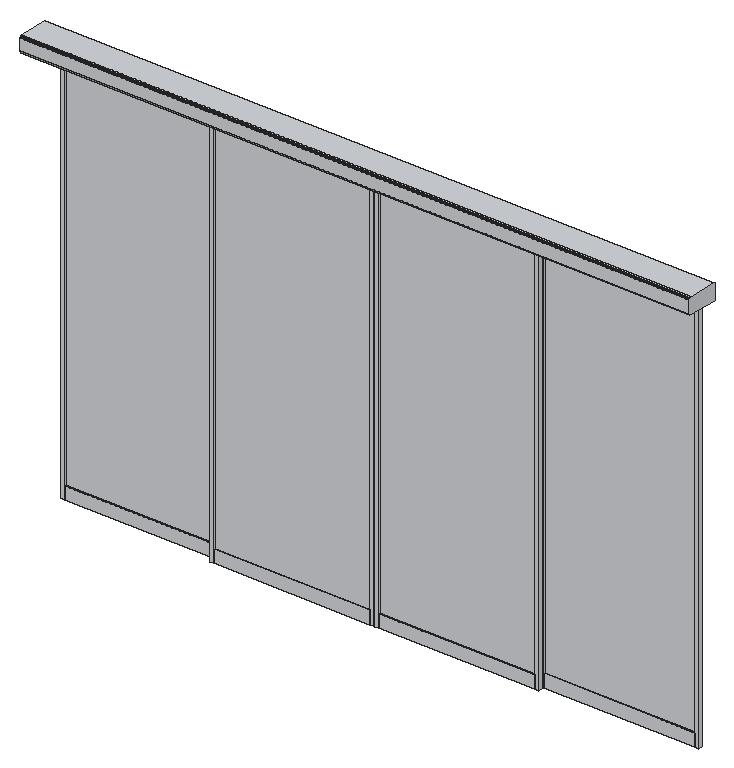
Revit family "SL510 Slim_SlimECO 2-Flg. m.Seitenteile - Sturtzmontage_!!", category Türen, Revit 2018
Family settings
  Basisbauteil = Wand
  OmniClass-Nummer = 23.30.10.00
  OmniClass-Titel = Doors
  Immer vertikal = Ja
  Beim Laden mit Abzugskörper schneiden = Nein
  Gemeinsam genutzt = Nein
  Raumberechnungspunkt = Nein
Parameters
  ohne Schutzflügel [instance] = if(or([Schutzflügel - drehbar], [Schutzflügel - drehbar + Bodenschloß], [Schutzflügel - schiebbar]), 1 = 0, 1 = 1)  # yes
  X [instance] = if(or([Schutzflügel - drehbar], [Schutzflügel - drehbar + Bodenschloß], [Schutzflügel - schiebbar]), 25 mm, 200 mm)  # 200 mm
  Warnung Abmessungen 3 [instance] = if(Seitenteil Breite < 300 mm, 1 = 1, if(Seitenteil Breite > 1500 mm, 1 = 1, 1 = 0))  # no
  Warnung Abmessungen 2 [instance] = if(Durchgangslichte Höhe < 1900 mm, 1 = 1, if(Durchgangslichte Höhe > 3000 mm, 1 = 1, 1 = 0))  # no
  Warnung Abmessungen 1 [instance] = if(Durchgangslichte Breite < 975 mm, 1 = 1, if(Durchgangslichte Breite > 3000 mm, 1 = 1, 1 = 0))  # no
  Wandaufbau Pfeilseite [instance] = 0 mm
  Wandaufbau Gegenseite [instance] = 0 mm
  Seitenteil Breite [instance] = 1000 mm
  Schutzflügel - schiebbar [instance] = no
  Schutzflügel - drehbar + Bodenschloß [instance] = no
  Schutzflügel - drehbar [instance] = no
  SW [instance] = if(Seitenteil Breite < 300 mm, 300 mm, if(Seitenteil Breite > 1500 mm, 1500 mm, Seitenteil Breite))  # 1000 mm
  SH [instance] = COH + 42 mm  # 2542 mm
  Rough Height [instance] = Höhe ab FBOK + Fußbodenaufbau  # 2755 mm
  Rough Width [instance] = Width  # 4010 mm
  Rahmen [instance] = none
  PSFW [instance] = COW / 2 + 95 mm  # 1095 mm
  PSFH [instance] = COH + 50 mm  # 2550 mm
  Montagefuge Breite = 5 mm
  Kollisionskörper = no
  IFC_Widerstandsklasse = " "  # constant formula
  IFC_Selbstschliessend [instance] = 1 = 0  # no
  IFC_Schallschutzklasse = 0  # constant formula
  IFC_Rauchschutz [instance] = 1 = 0  # no
  IFC_Notausgang [instance] = no
  IFC_Luftdurchlässigkeit = 0  # constant formula
  IFC_Glasflächenanteil = 0  # constant formula
  IFC_Behindertengerecht [instance] = no
  IFC_Beanspruchungsklasse = " "  # constant formula
  IFC_Antrieb [instance] = 1 = 1  # yes
  Höhe ab FBOK berechnen = yes
  Höhe ab FBOK [instance] = COH + 50 mm + Montagefuge Breite  # 2555 mm
  Height [instance] = if(Höhe ab FBOK berechnen, Höhe ab FBOK, Rough Height)  # 2555 mm
  Glasstärke = 8 mm
  Glas [instance] = none
  Fußbodenaufbau [instance] = 200 mm
  Freiraum [instance] = if((COW * 2 + 195 mm) > Width, COW + ((DW + X) * 2), Width)  # 4453 mm
  Familienversion = "1.0"  # constant formula
  Durchgangslichte Höhe [instance] = 2500 mm
  Durchgangslichte Breite [instance] = 2000 mm
  Dicke = 20 mm
  DW [instance] = COW / 2 + 26.5 mm  # 1026.5 mm
  DH [instance] = COH + 60 mm  # 2560 mm
  Wandabschluss = Nach Basisbauteil
  COW [instance] = if(Durchgangslichte Breite < 975 mm, 975 mm, if(Durchgangslichte Breite > 3000 mm, 3000 mm, Durchgangslichte Breite))  # 2000 mm
  COH [instance] = if(Durchgangslichte Höhe < 1900 mm, 1900 mm, if(Durchgangslichte Höhe > 3000 mm, 3000 mm, Durchgangslichte Höhe))  # 2500 mm
  CL [instance] = if((COW * 2 + 195 mm) > Width, COW * 2 + 195 mm, Width)  # 4195 mm
  CH [instance] = DH + 8 mm  # 2568 mm
  Width [instance] = COW + (SW * 2) + (Montagefuge Breite * 2)  # 4010 mm
  Antrieb [instance] = none
Reference planes
  plane 1: y = 0
  plane 2 "Mitte (Links/rechts)": x = 1200
  plane 3 "Links": x = -805
  plane 4 "Rechts": x = 3205
  plane 5: z = 2555
  plane 6 "außen": y = 75
  plane 7 "Innen": y = -75
  plane 8 "CL L": x = -897.5
  plane 9 "CL R": x = 3297.5
  plane 10 "D CL": y = -107.5
  plane 11: z = 8
  plane 12 "COW L": x = 200
  plane 13 "COW R": x = 2200
  plane 14: x = 1196.5
  plane 15: x = 1203.5
  plane 16 "Wandaufbau Innen": y = -75
  plane 17 "Wandaufbau Außen": y = 75
  plane 18: x = 3200
  plane 19: x = -800
  plane 20: x = 3226.5
  plane 21: x = -826.5
  plane 22: x = -1026.5
  plane 23: x = 3426.5
  plane 24 "Basis": z = 0
  plane 25 "RD OK": z = -200
Lines and regions (mm)
  Opening 1
    outline origin (-1759, -75, 0) x (1, 0, 0) y (0, 0, 1)
      loop
        line (954, 2555) -> (954, -200) -> (4964, -200) -> (4964, 2555) -> (954, 2555)
  symbolic lines, style "DoorsHiddenLines"
    curve 1: line (2230, -97.5, 0) -> (3226.5, -97.5, 0)
    curve 2: line (3226.5, -97.5, 0) -> (3226.5, -117.5, 0)
    curve 3: line (3226.5, -117.5, 0) -> (2230, -117.5, 0)
    curve 4: line (170, -97.5, 0) -> (-826.5, -97.5, 0)
    curve 5: line (-826.5, -97.5, 0) -> (-826.5, -117.5, 0)
    curve 6: line (-826.5, -117.5, 0) -> (170, -117.5, 0)
    curve 8: line (-1026.5, -122.5, 0) -> (-1026.5, -92.5, 0)
    curve 9: line (3426.5, -122.5, 0) -> (3426.5, -92.5, 0)
  symbolic lines, style "DoorsHiddenLines", detail levels medium+fine
    curve 7: line (-805, 75, 0) -> (3205, 75, 0)
    curve 10: line (200, -75, 0) -> (2200, -75, 0)
Text (mm)
  text "Exterior" at (-2937.046, 811.206, 0), in view "Ref.-Ebene"
  text "Exterior" at (0, 1615.38, 3698.081), in view "Links"
  text "Exterior" at (0, 1036.032, 3874.932), in view "Rechts"
Dimensions and locks
  equal spacing: plane 3 "Links", plane 2 "Mitte (Links/rechts)", plane 4 "Rechts"
  "Width": plane 3 "Links" to plane 4 "Rechts"
  "Höhe ab FBOK": level to plane 5
  locked: plane 6 "außen" to host wall at 0
  locked: plane 7 "Innen" to host wall
  plane 16 "Wandaufbau Innen" to plane 10 "D CL" = 32.5 mm
  "CL": plane 8 "CL L" to plane 9 "CL R"
  equal spacing: plane 8 "CL L", plane 2 "Mitte (Links/rechts)", plane 9 "CL R"
  equal spacing: plane 14, plane 2 "Mitte (Links/rechts)", plane 15, locked at 3.5 each
  locked: plane 14 to plane 15 at 7
  equal spacing: plane 12 "COW L", plane 2 "Mitte (Links/rechts)", plane 13 "COW R"
  "COW": plane 12 "COW L" to plane 13 "COW R"
  "Wandaufbau Pfeilseite": plane 16 "Wandaufbau Innen" to plane 7 "Innen"
  "Wandaufbau Gegenseite": plane 17 "Wandaufbau Außen" to plane 6 "außen"
  "DW": plane 13 "COW R" to plane 20
  "DW": plane 21 to plane 12 "COW L"
  "Montagefuge Breite": plane 18 to plane 4 "Rechts"
  "Montagefuge Breite": plane 3 "Links" to plane 19
  "X": plane 20 to plane 23
  "X": plane 22 to plane 21
  "Fußbodenaufbau": level to plane 25 "RD OK"
  aligned and locked: plane 1 to host wall
  aligned and locked: nested 1 to plane 10 "D CL"
  aligned and locked: plane 5 to Opening 1 sketch curve
  aligned and locked: plane 4 "Rechts" to Opening 1 sketch curve
  aligned and locked: Opening 1 sketch curve to plane 3 "Links"
  aligned and locked: plane 10 "D CL" to nested 3
  aligned and locked: plane 15 to nested 1
  aligned and locked: plane 14 to nested 3
  aligned and locked: nested 4 to plane 16 "Wandaufbau Innen"
  aligned and locked: plane 16 "Wandaufbau Innen" to nested 2
  aligned and locked: curve 7 to plane 17 "Wandaufbau Außen"
  aligned and locked: plane 3 "Links" to curve 7
  aligned and locked: plane 4 "Rechts" to curve 7
  aligned and locked: nested 2 to plane 18
  aligned and locked: nested 4 to plane 19
  aligned and locked: plane 16 "Wandaufbau Innen" to nested 5
  aligned and locked: plane 13 "COW R" to nested 5
  aligned and locked: plane 12 "COW L" to nested 6
  aligned and locked: nested 6 to plane 16 "Wandaufbau Innen"
  aligned and locked: nested 1 to curve 1
  aligned and locked: curve 3 to nested 1
  aligned and locked: plane 20 to curve 2
  aligned and locked: plane 21 to curve 5
  aligned and locked: nested 3 to curve 4
  aligned and locked: curve 6 to nested 3
  aligned and locked: plane 25 "RD OK" to Opening 1 sketch curve
  aligned and locked: plane 16 "Wandaufbau Innen" to curve 10
  aligned and locked: plane 13 "COW R" to curve 10
  aligned and locked: plane 12 "COW L" to curve 10
  aligned and locked: nested 8 to plane 10 "D CL"
  aligned and locked: nested 9 to plane 2 "Mitte (Links/rechts)"
  aligned and locked: plane 16 "Wandaufbau Innen" to nested 9
  aligned and locked: nested 8 to plane 2 "Mitte (Links/rechts)"
  aligned and locked: nested 8 to plane 22
  aligned and locked: nested 8 to plane 23
Automatic sketch dimensions
  curve 8 to plane 22 = 0 mm
  curve 9 to plane 23 = 0 mm
  plane 10 "D CL" to curve 5 = 10 mm
  plane 10 "D CL" to curve 1 = 10 mm
  curve 6 to plane 10 "D CL" = 10 mm
  curve 3 to plane 10 "D CL" = 10 mm
  plane 10 "D CL" to curve 9 = 15 mm
  plane 10 "D CL" to curve 8 = 15 mm
  curve 8 to plane 10 "D CL" = 15 mm
  curve 9 to plane 10 "D CL" = 15 mm
Nested families
  nested 1: "Flügel" at (1716.75, -107.5, 0), type "Flügel"
    with Aufkleber rechte Seite yes, Aufkleber linke Seite no, Height 2555 mm, DW 1026.5 mm, DH 2560 mm
  nested 2: "Seitenlicht" at (2700, -55.5, 0), type "Seitenlicht"
    with SH 2542 mm, Height 3110 mm, DW 1026.5 mm, Width 3010 mm, Abdeckprofil Breite 1999.5 mm
  nested 3: "Flügel" at (683.25, -107.5, 0) x (-1, 0, 0) z (0, 0, 1), type "Flügel"
    with Aufkleber rechte Seite no, Aufkleber linke Seite yes, Height 2555 mm, DW 1026.5 mm, DH 2560 mm
  nested 4: "Seitenlicht" at (-300, -55.5, 0) x (-1, 0, 0) z (0, 0, 1), type "Seitenlicht"
    with SH 2542 mm, Height 3110 mm, DW 1026.5 mm, Width 3010 mm, Abdeckprofil Breite 1999.5 mm
  nested 5: "Sicherheitsflügel" at (2810, -54.5, 0), type "Sicherheitsflügel"
    with Schutzflügel - schiebbar no, Schutzflügel - drehbar + Bodenschloß no, Schutzflügel - drehbar no, PSFW 1095 mm, PSFH 2550 mm, Height 2513 mm
  nested 6: "Sicherheitsflügel" at (-410, -54.5, 0) x (-1, 0, 0) z (0, 0, 1), type "Sicherheitsflügel"
    with Schutzflügel - schiebbar no, Schutzflügel - drehbar + Bodenschloß no, Schutzflügel - drehbar no, PSFW 1095 mm, PSFH 2550 mm, Height 2513 mm
  nested 7: "Warnung" at (1200, -825, 0), type "Warnung"
  nested 8: "Kollisionskörper_2" at (2200, -107.5, 0), visible <- "Kollisionskörper", type "Kollisionskörper_2"
    with Height 2000 mm, Dicke 20 mm, Width 2226.5 mm, Schutzflügel - schiebbar no, Schutzflügel - drehbar + Bodenschloß no, Schutzflügel - drehbar no, PSFH 2550 mm, COH 2500 mm
  nested 9: "Antrieb_SL510_2_Flügel" at (1200, -75, 0), type "Antrieb_SL510_2_Flügel"
    with Projektion no, Freiraum 4453 mm, CL 4195 mm, CH 2568 mm
Definition of nested family "Flügel"
  Parameters (values of type "Flügel")
    Rahmen = none
    Height = 2500 mm
    Glasstärke = 8 mm
    Glas = none
    Familienversion = "1.0"  # constant formula
    DW = 1026 mm
    DH = 2510 mm
    Aufkleber rechte Seite [instance] = yes
    Aufkleber linke Seite [instance] = yes
    Analytic Construction = "<Keine Auswahl>"
  Reference planes
    plane 1 "Mitte (Vorne/hinten)": y = 0
    plane 2: z = 0
    plane 3 "Mitte (Links/rechts)": x = 0
    plane 4 "Links": x = -513
    plane 5 "Rechts": x = 513
    plane 6 "Oben": z = 2500
    plane 7 "Pfeil": y = -110
    plane 8: z = 8
    plane 9 "D Außen": y = 10
    plane 10 "D Innen": y = -10
    plane 11 "Glas Außen": y = 6
    plane 12 "DH": z = 2518
    plane 13: x = -256.5
    plane 14 "Pfeil Außen": y = 6
  Forms (mm)
    Sweep 1, solid, material <- "Rahmen", detail levels medium+fine
      path origin (0, 0, 0) x (1, 0, 0) y (0, 0, 1)
        loop
          line (-490, 2518) -> (490, 2518)
      profile "Flügel_Oberteil : Flügel_Oberteil" origin (0, 0, 2518) x (0, 0, 1) y (0, -1, 0)
        loop
          line (0, -22.5) -> (0, 22.5) -> (-3, 22.5) -> (-3, 19.5) -> (-14, 19.5) -> (-14, 15)
          arc (-14, 15) -> (-15.464, 11.464) -> (-19, 10) r 5
          line (-19, 10) -> (-68, 10) -> (-68, -10) -> (-19, -10)
          arc (-19, -10) -> (-15.464, -11.464) -> (-14, -15) r 5
          line (-14, -15) -> (-14, -19.5) -> (-3, -19.5) -> (-3, -22.5) -> (0, -22.5)
    Sweep 2, solid, material <- "Rahmen", detail levels medium+fine
      path origin (0, 0, 0) x (1, 0, 0) y (0, 0, 1)
        loop
          line (-490, 0) -> (490, 0)
      profile "Flügel_Unterteil : Flügel_Unterteil" origin (0, 0, 0) x (0, 0, 1) y (0, -1, 0)
        loop
          line (88, -10) -> (88, 10) -> (8, 10) -> (8, -10) -> (88, -10)
    Sweep 3, solid, material <- "Rahmen", detail levels medium+fine
      path origin (0, 0, 0) x (1, 0, 0) y (0, 0, 1)
        loop
          line (-513, 8) -> (-513, 2518)
      profile "Flügel_Seitenteil : Flügel_Seitenteil" origin (-513, 0, 1263) x (-1, 0, 0) y (0, -1, 0)
        loop
          line (-23, 10) -> (-23, -10) -> (0, -10) -> (0, 10) -> (-23, 10)
    Sweep 4, solid, material <- "Rahmen", detail levels medium+fine
      path origin (0, 0, 0) x (1, 0, 0) y (0, 0, 1)
        loop
          line (513, 8) -> (513, 2518)
      profile "Flügel_Seitenteil : Flügel_Seitenteil" origin (513, 0, 1263) x (-1, 0, 0) y (0, -1, 0)
        loop
          line (23, 10) -> (0, 10) -> (0, -10) -> (23, -10) -> (23, 10)
    Extrusion 5, solid, material <- "Glas", detail levels medium+fine
      sketch origin (0, 6, 0) x (1, 0, 0) y (0, 0, 1)
        loop
          line (-490, 2450) -> (-490, 88) -> (490, 88) -> (490, 2450) -> (-490, 2450)
      from 0 to 8 <- "Glasstärke"
    Extrusion 6, solid, material <- "Rahmen", detail levels coarse
      sketch origin (0, 0, 0) x (1, 0, 0) y (0, 0, 1)
        loop
          line (-513, 8) -> (513, 8) -> (513, 2518) -> (-513, 2518) -> (-513, 8)
      from -10 to 10
  Lines and regions (mm)
    symbolic lines
      curve 1: line (-185, -110, 0) -> (65, -110, 0)
      curve 2: line (65, -142.154, 0) -> (185, -110, 0)
      curve 3: line (65, -77.846, 0) -> (65, -142.154, 0)
      curve 4: line (65, -77.846, 0) -> (185, -110, 0)
      curve 5: line (-240, -110, 1259) -> (120, -110, 1259)
      curve 6: line (120, -110, 1226.846) -> (120, -110, 1291.154)
      curve 7: line (240, -110, 1259) -> (120, -110, 1226.846)
      curve 8: line (240, -110, 1259) -> (120, -110, 1291.154)
  Dimensions and locks
    "Height": plane 6 "Oben" to level
    equal spacing: plane 5 "Rechts", plane 3 "Mitte (Links/rechts)", plane 4 "Links"
    "DW": plane 4 "Links" to plane 5 "Rechts"
    locked: Extrusion 6 sketch curve to level at 8
    locked: plane 8 to level at 8
    locked: plane 11 "Glas Außen" to plane 9 "D Außen" at 4
    "DH": plane 12 "DH" to plane 8
    plane 12 "DH" to level = 2518 mm
    equal spacing: plane 12 "DH", curve 5, level
    equal spacing: plane 4 "Links", plane 13, plane 3 "Mitte (Links/rechts)"
    aligned and locked: level to plane 2
    aligned and locked: Sweep 3 sketch curve to plane 4 "Links"
    aligned and locked: Sweep 1 to Sweep 3 sketch curve
    aligned and locked: Sweep 3 sketch curve to Sweep 2
    aligned and locked: Sweep 4 sketch curve to plane 5 "Rechts"
    aligned and locked: Sweep 4 sketch curve to Sweep 1
    aligned and locked: Sweep 2 to Sweep 4 sketch curve
    aligned and locked: Extrusion 5 sketch curve to Sweep 1
    aligned and locked: Extrusion 5 sketch curve to Sweep 2  (x2)
    aligned and locked: Extrusion 6 sketch curve to Sweep 3
    aligned and locked: Extrusion 6 sketch curve to Sweep 4  (x2)
    aligned and locked: Extrusion 6 to Sweep 3  (x2)
    aligned and locked: Sweep 3 to Extrusion 5 sketch curve
    aligned and locked: plane 9 "D Außen" to Extrusion 6
    aligned and locked: plane 10 "D Innen" to Extrusion 6
    aligned and locked: plane 12 "DH" to Sweep 1
    aligned and locked: Sweep 1 sketch curve to plane 12 "DH"
    aligned and locked: plane 14 "Pfeil Außen" to plane 11 "Glas Außen"
    aligned and locked: nested 1 to plane 14 "Pfeil Außen"
    aligned and locked: nested 2 to plane 14 "Pfeil Außen"
  Automatic sketch dimensions
    Sweep 2 sketch curve to level = 0 mm
    Sweep 2 sketch curve to plane 4 "Links" = 23 mm
    plane 5 "Rechts" to Sweep 2 sketch curve = 23 mm
    plane 5 "Rechts" to Sweep 1 sketch curve = 23 mm
    Sweep 1 sketch curve to plane 4 "Links" = 23 mm
    curve 1 to plane 7 "Pfeil" = 0 mm
    curve 2 to plane 7 "Pfeil" = 0 mm
    plane 3 "Mitte (Links/rechts)" to curve 4 = 185 mm
    curve 3 to plane 7 "Pfeil" = 32.154 mm
    plane 3 "Mitte (Links/rechts)" to curve 3 = 65 mm
    plane 7 "Pfeil" to curve 3 = 32.154 mm
    curve 1 to plane 3 "Mitte (Links/rechts)" = 185 mm
    curve 5 to plane 3 "Mitte (Links/rechts)" = 240 mm
    curve 6 to curve 5 = 32.154 mm
    curve 5 to curve 6 = 32.154 mm
    curve 7 to curve 5 = 0 mm
    plane 3 "Mitte (Links/rechts)" to curve 8 = 120 mm
    plane 3 "Mitte (Links/rechts)" to curve 8 = 240 mm
  Nested families
    nested 1: "Pfeil_Aufkleber" at (-319.498, 2, 1500) x (-1, 0, 0) z (0, 0, 1), visible <- "Aufkleber rechte Seite", type "Pfeil_Aufkleber", detail levels medium+fine
    nested 2: "Pfeil_Aufkleber" at (-319.498, 2, 1500) x (-1, 0, 0) z (0, 0, 1), visible <- "Aufkleber linke Seite", type "Pfeil_Aufkleber", detail levels medium+fine
  Definition of nested family "Pfeil_Aufkleber"
    Parameters (values of type "Pfeil_Aufkleber")
      Familienversion = "1.0"  # constant formula
      Thickness = 8 mm
      Analytic Construction = "<Keine Auswahl>"
    Reference planes
      plane 1 "Mitte (Vorne/hinten)": y = 0
      plane 2: z = 0
      plane 3 "Mitte (Links/rechts)": x = 0
      plane 4 "Innen": y = -4
      plane 5 "Außen": y = 4
    Dimensions and locks
      equal spacing: plane 5 "Außen", plane 1 "Mitte (Vorne/hinten)", plane 4 "Innen"
      "Thickness": plane 5 "Außen" to plane 4 "Innen"
      aligned and locked: level to plane 2
      aligned and locked: plane 3 "Mitte (Links/rechts)" to nested 1
      aligned and locked: nested 1 to plane 2
      aligned and locked: nested 2 to plane 3 "Mitte (Links/rechts)"
      aligned and locked: nested 2 to plane 2
    Nested families
      nested 1: "Aufkleber" at (0, -4, 0) x (1, 0, 0) z (0, -1, 0), type "Aufkleber"
        with Vorderseite yes, Rückseite no
      nested 2: "Aufkleber" at (0, 4, 0) x (-1, 0, 0) z (0, 1, 0), type "Aufkleber"
        with Vorderseite no, Rückseite yes
    Definition of nested family "Aufkleber"
      Parameters (values of type "Aufkleber")
        Default Elevation = 1219.2 mm
        Vorderseite [instance] = yes
        Rückseite [instance] = yes
        Familienversion = "1.0"  # constant formula
        Analytic Construction = "<Keine Auswahl>"
      Reference planes
        plane 1 "Mitte (Vorne/hinten)": y = 0
        plane 2: z = 0
        plane 3 "Mitte (Links/rechts)": x = 0
      Lines and regions (mm)
        model lines, visible <- "Rückseite"
          curve 1: arc (-92.642, -15.384, 0) -> (-93.502, -17.51, 0) -> (-92.628, -19.631, 0) r 3.034
          curve 2: line (-79.836, -2.384, 0) -> (-92.652, -15.374, 0)
          curve 3: arc (-74.141, -0.002, 0) -> (-77.228, -0.622, 0) -> (-79.836, -2.384, 0) r 8
          curve 4: line (-23.502, -0.002, 0) -> (-74.141, -0.002, 0)
          curve 5: arc (-20.502, -3.002, 0) -> (-21.381, -0.881, 0) -> (-23.502, -0.002, 0) r 3
          curve 6: line (-20.502, -31.998, 0) -> (-20.502, -3.002, 0)
          curve 7: arc (-23.502, -34.998, 0) -> (-21.381, -34.12, 0) -> (-20.502, -31.998, 0) r 3
          curve 8: line (-74.141, -34.998, 0) -> (-23.502, -34.998, 0)
          curve 9: arc (-79.836, -32.617, 0) -> (-77.227, -34.379, 0) -> (-74.141, -34.998, 0) r 8
          curve 10: line (-92.637, -19.641, 0) -> (-79.836, -32.617, 0)
          curve 11: line (17.507, 0, 0) -> (-11.51, 0, 0)
          curve 12: arc (-11.51, 0, 0) -> (-13.624, -0.881, 0) -> (-14.502, -2.996, 0) r 3.003
          curve 13: line (-14.502, -2.996, 0) -> (-14.502, -31.991, 0)
          curve 14: arc (-14.502, -31.991, 0) -> (-13.628, -34.115, 0) -> (-11.51, -35, 0) r 3.002
          curve 15: line (-11.51, -35, 0) -> (17.507, -35, 0)
          curve 16: arc (17.507, -35, 0) -> (19.62, -34.119, 0) -> (20.498, -32.004, 0) r 3.002
          curve 17: line (20.498, -32.004, 0) -> (20.498, -2.996, 0)
          curve 18: arc (20.498, -2.996, 0) -> (19.62, -0.881, 0) -> (17.507, 0, 0) r 3.003
          curve 19: line (49.498, 0, 0) -> (32.498, 0, 0)
          curve 20: arc (32.498, 0, 0) -> (30.377, -0.879, 0) -> (29.498, -3, 0) r 3
          curve 21: line (29.498, -3, 0) -> (29.498, -32, 0)
          curve 22: arc (29.498, -32, 0) -> (30.377, -34.121, 0) -> (32.498, -35, 0) r 3
          curve 23: line (32.498, -35, 0) -> (49.498, -35, 0)
          curve 24: arc (49.498, -35, 0) -> (51.619, -34.121, 0) -> (52.498, -32, 0) r 3
          curve 25: line (52.498, -32, 0) -> (52.498, -3, 0)
          curve 26: arc (52.498, -3, 0) -> (51.619, -0.879, 0) -> (49.498, 0, 0) r 3
          curve 27: line (64.498, -3, 0) -> (64.498, -32, 0)
          curve 28: arc (67.498, 0, 0) -> (65.377, -0.879, 0) -> (64.498, -3, 0) r 3
          curve 29: line (74.143, 0, 0) -> (67.498, 0, 0)
          curve 30: arc (79.84, -2.384, 0) -> (77.23, -0.62, 0) -> (74.143, 0, 0) r 8
          curve 31: line (92.625, -15.352, 0) -> (79.84, -2.384, 0)
          curve 32: arc (92.626, -19.627, 0) -> (93.498, -17.492, 0) -> (92.615, -15.362, 0) r 3.029
          curve 33: line (79.839, -32.616, 0) -> (92.636, -19.637, 0)
          curve 34: arc (74.142, -35, 0) -> (77.23, -34.38, 0) -> (79.839, -32.616, 0) r 8
          curve 35: line (67.498, -35, 0) -> (74.142, -35, 0)
          curve 36: arc (64.498, -32, 0) -> (65.377, -34.121, 0) -> (67.498, -35, 0) r 3
        model lines, visible <- "Vorderseite"
          curve 37: arc (-92.639, -15.386, 0) -> (-93.498, -17.509, 0) -> (-92.626, -19.627, 0) r 3.029
          curve 38: line (-79.84, -2.384, 0) -> (-92.649, -15.376, 0)
          curve 39: arc (-74.143, 0, 0) -> (-77.23, -0.62, 0) -> (-79.84, -2.384, 0) r 8
          curve 40: line (-67.498, 0, 0) -> (-74.143, 0, 0)
          curve 41: arc (-64.498, -3, 0) -> (-65.377, -0.879, 0) -> (-67.498, 0, 0) r 3
          curve 42: line (-64.498, -32, 0) -> (-64.498, -3, 0)
          curve 43: arc (-67.498, -35, 0) -> (-65.377, -34.121, 0) -> (-64.498, -32, 0) r 3
          curve 44: line (-74.142, -35, 0) -> (-67.498, -35, 0)
          curve 45: arc (-79.839, -32.616, 0) -> (-77.23, -34.38, 0) -> (-74.142, -35, 0) r 8
          curve 46: line (-92.636, -19.637, 0) -> (-79.839, -32.616, 0)
          curve 47: line (-52.498, -3, 0) -> (-52.498, -32, 0)
          curve 48: arc (-52.498, -32, 0) -> (-51.619, -34.121, 0) -> (-49.498, -35, 0) r 3
          curve 49: line (-49.498, -35, 0) -> (-32.498, -35, 0)
          curve 50: arc (-32.498, -35, 0) -> (-30.377, -34.121, 0) -> (-29.498, -32, 0) r 3
          curve 51: line (-29.498, -32, 0) -> (-29.498, -3, 0)
          curve 52: arc (-29.498, -3, 0) -> (-30.377, -0.879, 0) -> (-32.498, 0, 0) r 3
          curve 53: line (-32.498, 0, 0) -> (-49.498, 0, 0)
          curve 54: arc (-49.498, 0, 0) -> (-51.619, -0.879, 0) -> (-52.498, -3, 0) r 3
          curve 55: line (-20.498, -2.996, 0) -> (-20.498, -32.004, 0)
          curve 56: arc (-20.498, -32.004, 0) -> (-19.62, -34.119, 0) -> (-17.507, -35, 0) r 3.002
          curve 57: line (-17.507, -35, 0) -> (11.51, -35, 0)
          curve 58: arc (11.51, -35, 0) -> (13.628, -34.115, 0) -> (14.502, -31.991, 0) r 3.002
          curve 59: line (14.502, -31.991, 0) -> (14.502, -2.996, 0)
          curve 60: arc (14.502, -2.996, 0) -> (13.624, -0.881, 0) -> (11.51, 0, 0) r 3.003
          curve 61: line (11.51, 0, 0) -> (-17.507, 0, 0)
          curve 62: arc (-17.507, 0, 0) -> (-19.62, -0.881, 0) -> (-20.498, -2.996, 0) r 3.003
          curve 63: arc (92.628, -19.631, 0) -> (93.502, -17.494, 0) -> (92.619, -15.36, 0) r 3.034
          curve 64: line (92.628, -15.35, 0) -> (79.836, -2.384, 0)
          curve 65: arc (79.836, -2.384, 0) -> (77.228, -0.622, 0) -> (74.141, -0.002, 0) r 8
          curve 66: line (74.141, -0.002, 0) -> (23.502, -0.002, 0)
          curve 67: arc (23.502, -0.002, 0) -> (21.381, -0.881, 0) -> (20.502, -3.002, 0) r 3
          curve 68: line (20.502, -3.002, 0) -> (20.502, -31.998, 0)
          curve 69: arc (20.502, -31.998, 0) -> (21.381, -34.12, 0) -> (23.502, -34.998, 0) r 3
          curve 70: line (23.502, -34.998, 0) -> (74.141, -34.998, 0)
          curve 71: arc (74.141, -34.998, 0) -> (77.227, -34.379, 0) -> (79.836, -32.617, 0) r 8
          curve 72: line (79.836, -32.617, 0) -> (92.637, -19.641, 0)
      Dimensions and locks
        aligned and locked: level to plane 2
Definition of nested family "Seitenlicht"
  Parameters (values of type "Seitenlicht")
    SW = 1000 mm
    SH = 2487 mm
    Rahmen = none
    Height = 2500 mm
    Glasstärke = 8 mm
    Glas = none
    Familienversion = "1.0"  # constant formula
    DW = 0 mm
    Width = 1000 mm
    Abdeckprofil Breite = SW + DW - 27 mm  # 973 mm
  Reference planes
    plane 1 "Mitte (Vorne/hinten)": y = 19.5
    plane 2: z = 0
    plane 3 "Mitte (Links/rechts)": x = 0
    plane 4 "Links": x = -500
    plane 5 "Rechts": x = 500
    plane 6 "Oben": z = 2495
    plane 7 "ST CL": y = 12
    plane 8 "Glas Außen": y = 6
    plane 9: z = 8
    plane 10 "Roh UK": z = 2500
  Forms (mm)
    Sweep 1, solid, material <- "Rahmen", detail levels medium+fine
      path origin (0, 19.5, 0) x (1, 0, 0) y (0, 0, 1)
        loop
          line (-473, 2495) -> (475, 2495)
      profile "Seitenlicht_Oberteil : Seitenlicht_Oberteil" origin (1, 19.5, 2495) x (0, 0, 1) y (0, -1, 0)
        loop
          line (0, 32) -> (-50.065, 32) -> (-50.065, -1) -> (-29.065, -1) -> (-29.065, -5) -> (-14, -5) -> (-8.506, -3) -> (40, -3) -> (40, 0) -> (0, 0) -> (0, 32)
    Sweep 2, solid, material <- "Rahmen", detail levels medium+fine
      path origin (0, 12, 0) x (0, 0, -1) y (-1, 0, 0)
        loop
          line (0, 470) -> (0, -475)
      profile "Seitenlicht_Unterteil : PanelUnterteilProfil" origin (2.5, 12, 0) x (0, 0, 1) y (0, -1, 0)
        loop
          line (88, -10) -> (88, 10) -> (8, 10) -> (8, -10) -> (88, -10)
    Sweep 3, solid, material <- "Rahmen", detail levels medium+fine
      path origin (0, 12, 0) x (0, 0, -1) y (-1, 0, 0)
        loop
          line (-8, 500) -> (-2495, 500)
      profile "Seitenlicht_Verbindung : Seitenlicht_Verbindung" origin (-500, 12, 1251.5) x (-1, 0, 0) y (0, -1, 0)
        loop
          line (-30, 10) -> (-30, -10) -> (-22, -10) -> (-22, -26) -> (0, -26) -> (0, 10) -> (-30, 10)
    Sweep 4, solid, material <- "Rahmen", detail levels medium+fine
      path origin (0, 12, 0) x (0, 0, -1) y (-1, 0, 0)
        loop
          line (-8, -500) -> (-2495, -500)
      profile "Seitenlicht_Seitenteil : Seitenlicht_Seitenteil" origin (500, 12, 1251.5) x (-1, 0, 0) y (0, -1, 0)
        loop
          line (25, 12) -> (0, 12) -> (0, -12) -> (25, -12) -> (25, 12)
    Extrusion 5, solid, material <- "Glas", detail levels medium+fine
      sketch origin (0, 6, 0) x (-1, 0, 0) y (0, 0, 1)
        loop
          line (470, 2444.935) -> (-475, 2444.935) -> (-475, 88) -> (470, 88) -> (470, 2444.935)
      from 8 <- "Glasstärke" to 0
    Extrusion 6, solid, material <- "Rahmen", detail levels coarse
      sketch origin (0, 0, 0) x (1, 0, 0) y (0, 0, -1)
        loop
          line (-500, -2495) -> (500, -2495) -> (500, -8) -> (-500, -8) -> (-500, -2495)
      from 22 to 2
  Dimensions and locks
    equal spacing: plane 5 "Rechts", plane 3 "Mitte (Links/rechts)", plane 4 "Links"
    "SW": plane 4 "Links" to plane 5 "Rechts"
    locked: plane 8 "Glas Außen" to Extrusion 6 at 4
    locked: plane 9 to level at 8
    "Height": plane 10 "Roh UK" to level
    "SH": plane 6 "Oben" to plane 9
    plane 10 "Roh UK" to plane 6 "Oben" = 5 mm
    "Abdeckprofil Breite": Sweep 1 sketch curve to plane 5 "Rechts"
    aligned and locked: level to plane 2
    aligned and locked: Sweep 1 to Sweep 3 sketch curve
    aligned and locked: Sweep 4 sketch curve to Sweep 1
    aligned and locked: Sweep 2 to Sweep 4 sketch curve
    aligned and locked: Sweep 1 to Extrusion 5
    aligned and locked: Sweep 2 to Extrusion 5
    aligned and locked: Extrusion 6 sketch curve to Sweep 3
    aligned and locked: Extrusion 6 sketch curve to Sweep 4  (x2)
    aligned and locked: Sweep 3 to Extrusion 5
    aligned and locked: Sweep 4 to Extrusion 5
    aligned and locked: Extrusion 6 to Sweep 2  (x2)
    aligned and locked: plane 9 to Sweep 3 sketch curve
    aligned and locked: plane 6 "Oben" to Sweep 1
  Automatic sketch dimensions
    Sweep 2 sketch curve to level = 0 mm
    Sweep 2 sketch curve to plane 5 "Rechts" = 25 mm
    plane 4 "Links" to Sweep 2 sketch curve = 30 mm
    plane 4 "Links" to Sweep 3 sketch curve = 0 mm
    plane 5 "Rechts" to Sweep 4 sketch curve = 0 mm
    plane 4 "Links" to Extrusion 6 sketch curve = 0 mm
    plane 5 "Rechts" to Extrusion 5 sketch curve = 25 mm
    Extrusion 5 sketch curve to plane 4 "Links" = 30 mm
    level to Extrusion 5 sketch curve = 88 mm
    Extrusion 5 sketch curve to plane 6 "Oben" = 50.065 mm
    Sweep 1 sketch curve to plane 6 "Oben" = 0 mm
    plane 5 "Rechts" to Sweep 1 sketch curve = 25 mm
Definition of nested family "Kollisionskörper_2"
  Parameters (values of type "Kollisionskörper_2")
    ohne Schutzflügel = yes
    Schutzflügel - schiebbar = yes
    Schutzflügel - drehbar + Bodenschloß = yes
    Schutzflügel - drehbar = yes
    PSFW = 1095 mm
    PSFH = 2000 mm
    Height [instance] = 2000 mm
    Thickness [instance] = 20 mm
    COW = 2000 mm
    COH = 2000 mm
    Width [instance] = 2250 mm
  Reference planes
    plane 1 "Mitte (Vorne/hinten)": y = 0
    plane 2: z = 0
    plane 3 "Mitte (Links/rechts)": x = -1000
    plane 4: y = 10
    plane 5: y = -10
    plane 6: x = 1250
    plane 7: y = -27.5
    plane 8: y = -72
    plane 9: x = 1110
    plane 10: x = 15
    plane 11: y = 32.5
    plane 12: x = -3250
    plane 13: x = -3110
    plane 14: x = -2000
    plane 15: x = 0
    plane 16: x = -2015
  Forms (mm)
    Extrusion 1, solid
      sketch origin (653.804, 0, 0) x (1, 0, 0) y (0, 1, 0)
        loop
          line (-1653.804, 10) -> (-1653.804, -10) -> (596.196, -10) -> (596.196, 10) -> (-1653.804, 10)
      from 0 to 2000 <- "COH"
    Extrusion 2, solid, visible <- "Schutzflügel - drehbar"
      sketch origin (993.804, -18, 0) x (1, 0, 0) y (0, 1, 0)
        loop
          line (116.196, -9.5) -> (-978.804, -9.5)
          arc (-978.804, -9.5) -> (-895.452, -428.538) -> (-658.086, -783.782) r 1095
          line (-658.086, -783.782) -> (116.196, -9.5)
      from 8 to 2000 <- "PSFH"
    Extrusion 3, solid, visible <- "Schutzflügel - drehbar + Bodenschloß"
      sketch origin (993.804, -62, 0) x (1, 0, 0) y (0, 1, 0)
        loop
          line (116.196, -10) -> (-978.804, -10)
          arc (-978.804, -10) -> (-895.452, -429.038) -> (-658.086, -784.282) r 1095
          line (-658.086, -784.282) -> (116.196, -10)
      from 8 to 2000 <- "PSFH"
    Extrusion 4, solid, visible <- "ohne Schutzflügel"
      sketch origin (653.804, -42.5, 0) x (1, 0, 0) y (0, 1, 0)
        loop
          line (-3903.804, 32.5) -> (-3903.804, -467.5) -> (596.196, -467.5) -> (596.196, 32.5) -> (-3903.804, 32.5)
      from 0 to 2000 <- "COH"
    Extrusion 5, solid, visible <- "Schutzflügel - schiebbar"
      sketch origin (653.804, -42.5, 0) x (1, 0, 0) y (0, 1, 0)
        loop
          line (-1653.804, 32.5) -> (-1653.804, -29.5) -> (456.196, -29.5) -> (456.196, 32.5) -> (-1653.804, 32.5)
      from 8 to 2000 <- "PSFH"
    Extrusion 6, solid
      sketch origin (-2653.804, 0, 0) x (-1, 0, 0) y (0, -1, 0)
        loop
          line (-1653.804, -10) -> (596.196, -10) -> (596.196, 10) -> (-1653.804, 10) -> (-1653.804, -10)
      from 0 to 2000 <- "COH"
    Extrusion 7, solid, visible <- "Schutzflügel - drehbar"
      sketch origin (-2993.804, -18, 0) x (-1, 0, 0) y (0, -1, 0)
        loop
          line (-978.804, 9.5) -> (116.196, 9.5) -> (-658.086, 783.782)
          arc (-658.086, 783.782) -> (-895.452, 428.538) -> (-978.804, 9.5) r 1095
      from 8 to 2000 <- "PSFH"
    Extrusion 8, solid
      sketch origin (-2653.804, 500, 0) x (-1, 0, 0) y (0, -1, 0)
        loop
          line (-2653.804, -32.5) -> (-653.804, -32.5) -> (-653.804, 467.5) -> (-2653.804, 467.5) -> (-2653.804, -32.5)
      from 0 to 2000 <- "COH"
    Extrusion 9, solid, visible <- "Schutzflügel - drehbar + Bodenschloß"
      sketch origin (-2993.804, -62, 0) x (-1, 0, 0) y (0, -1, 0)
        loop
          line (116.196, 10) -> (-658.086, 784.282)
          arc (-658.086, 784.282) -> (-895.452, 429.038) -> (-978.804, 10) r 1095
          line (-978.804, 10) -> (116.196, 10)
      from 8 to 2000 <- "PSFH"
    Extrusion 10, solid, visible <- "Schutzflügel - drehbar + Bodenschloß"
      sketch origin (-2653.804, -42.5, 0) x (-1, 0, 0) y (0, -1, 0)
        loop
          line (-2653.804, -32.5) -> (-653.804, -32.5) -> (-653.804, 467.5) -> (-2653.804, 467.5) -> (-2653.804, -32.5)
      from 0 to 2000 <- "COH"
    Extrusion 11, solid, visible <- "Schutzflügel - schiebbar"
      sketch origin (-2653.804, -42.5, 0) x (-1, 0, 0) y (0, -1, 0)
        loop
          line (-1653.804, -32.5) -> (456.196, -32.5) -> (456.196, 29.5) -> (-1653.804, 29.5) -> (-1653.804, -32.5)
      from 8 to 2000 <- "PSFH"
    Extrusion 12, solid, visible <- "Schutzflügel - drehbar"
      sketch origin (-2653.804, -42.5, 0) x (-1, 0, 0) y (0, -1, 0)
        loop
          line (-2653.804, -32.5) -> (-653.804, -32.5) -> (-653.804, 467.5) -> (-2653.804, 467.5) -> (-2653.804, -32.5)
      from 0 to 2000 <- "COH"
    Extrusion 13, solid, visible <- "Schutzflügel - schiebbar"
      sketch origin (-2653.804, -42.5, 0) x (-1, 0, 0) y (0, -1, 0)
        loop
          line (-2653.804, 29.5) -> (-653.804, 29.5) -> (-653.804, 467.5) -> (-2653.804, 467.5) -> (-2653.804, 29.5)
      from 0 to 2000 <- "COH"
  Dimensions and locks
    equal spacing: plane 4, plane 1 "Mitte (Vorne/hinten)", plane 5
    "PSFW": Extrusion 2 sketch curve to Extrusion 2 sketch curve
    "PSFW": plane 10 to plane 9
    "PSFW": Extrusion 3 sketch curve to Extrusion 3 sketch curve
    Extrusion 4 sketch curve to Extrusion 4 sketch curve = 500 mm
    Extrusion 5 sketch curve to Extrusion 5 sketch curve = 62 mm
    Extrusion 8 sketch curve to Extrusion 8 sketch curve = 500 mm
    "PSFW": Extrusion 9 sketch curve to Extrusion 9 sketch curve
    Extrusion 10 sketch curve to Extrusion 10 sketch curve = 500 mm
    Extrusion 11 sketch curve to Extrusion 11 sketch curve = 62 mm
    locked: plane 15 to plane 10 at 15
    "COW": plane 14 to plane 15
    equal spacing: plane 14, plane 3 "Mitte (Links/rechts)", plane 15
    locked: plane 16 to plane 14 at 15
    "PSFW": plane 13 to plane 16
    "Width": plane 12 to plane 3 "Mitte (Links/rechts)"
    "Width": plane 3 "Mitte (Links/rechts)" to plane 6
    Extrusion 12 sketch curve to Extrusion 12 sketch curve = 500 mm
    Extrusion 13 sketch curve to Extrusion 13 sketch curve = 438 mm
    "PSFW": radius of Extrusion 2 sketch curve
    "PSFW": radius of Extrusion 3 sketch curve
    "PSFW": radius of Extrusion 7 sketch curve
    "PSFW": radius of Extrusion 9 sketch curve
    angle Extrusion 2 sketch curve to Extrusion 2 sketch curve = 45.00°
    angle Extrusion 3 sketch curve to Extrusion 3 sketch curve = 45.00°
    locked: Extrusion 7 sketch curve to Extrusion 7 sketch curve (angle 45.00°)
    angle Extrusion 9 sketch curve to Extrusion 11 = 45.00°
    aligned and locked: level to plane 2
    aligned and locked: plane 7 to Extrusion 2 sketch curve  (x2)
    aligned and locked: plane 9 to Extrusion 2 sketch curve
    aligned and locked: plane 10 to Extrusion 2 sketch curve
    aligned and locked: plane 9 to Extrusion 3 sketch curve
    aligned and locked: plane 10 to Extrusion 3 sketch curve
    aligned and locked: Extrusion 4 sketch curve to plane 5
    aligned and locked: plane 6 to Extrusion 1 sketch curve
    aligned and locked: Extrusion 1 sketch curve to plane 4
    aligned and locked: plane 5 to Extrusion 1 sketch curve
    aligned and locked: plane 6 to Extrusion 4 sketch curve
    aligned and locked: Extrusion 5 sketch curve to plane 5
    aligned and locked: Extrusion 6 sketch curve to plane 12
    aligned and locked: plane 14 to Extrusion 8 sketch curve
    aligned and locked: plane 14 to Extrusion 10 sketch curve
    aligned and locked: Extrusion 5 to plane 8
    aligned and locked: Extrusion 11 to plane 8
    aligned and locked: plane 8 to Extrusion 9 sketch curve
    aligned and locked: plane 13 to Extrusion 9 sketch curve
    aligned and locked: plane 7 to Extrusion 7 sketch curve
    aligned and locked: Extrusion 7 sketch curve to plane 7
    aligned and locked: plane 13 to Extrusion 7 sketch curve
    aligned and locked: Extrusion 8 to plane 15
    aligned and locked: Extrusion 10 to plane 15
    aligned and locked: Extrusion 6 to Extrusion 4
    aligned and locked: Extrusion 8 to Extrusion 10
    aligned and locked: Extrusion 10 to Extrusion 8
    aligned and locked: Extrusion 4 to Extrusion 12
    aligned and locked: Extrusion 12 to Extrusion 8
    aligned and locked: Extrusion 8 to Extrusion 12
    aligned and locked: plane 8 to Extrusion 13
    aligned and locked: Extrusion 13 to Extrusion 8
    aligned and locked: Extrusion 8 to Extrusion 13
    aligned and locked: Extrusion 4 to Extrusion 13
    aligned and locked: Extrusion 11 sketch curve to plane 13
    aligned and locked: plane 9 to Extrusion 5 sketch curve
    aligned and locked: Extrusion 6 to level
    aligned and locked: Extrusion 1 to level
  Automatic sketch dimensions
    Extrusion 6 sketch curve to plane 5 = 0 mm
    Extrusion 6 sketch curve to plane 4 = 0 mm
    Extrusion 8 sketch curve to plane 11 = 0 mm
    Extrusion 10 sketch curve to plane 5 = 0 mm
    Extrusion 11 sketch curve to plane 5 = 0 mm
    Extrusion 3 sketch curve to plane 8 = 0 mm
    Extrusion 1 sketch curve to plane 3 "Mitte (Links/rechts)" = 0 mm
    plane 3 "Mitte (Links/rechts)" to Extrusion 4 sketch curve = 2250 mm
    Extrusion 5 sketch curve to plane 3 "Mitte (Links/rechts)" = 0 mm
    Extrusion 6 sketch curve to plane 3 "Mitte (Links/rechts)" = 0 mm
    plane 3 "Mitte (Links/rechts)" to Extrusion 8 sketch curve = 1000 mm
    plane 3 "Mitte (Links/rechts)" to Extrusion 10 sketch curve = 1000 mm
    Extrusion 11 sketch curve to plane 3 "Mitte (Links/rechts)" = 0 mm
    Extrusion 7 sketch curve to plane 13 = 0 mm
    Extrusion 12 sketch curve to plane 15 = 0 mm
    Extrusion 12 sketch curve to plane 14 = 0 mm
    Extrusion 12 sketch curve to plane 5 = 0 mm
    Extrusion 13 sketch curve to plane 15 = 0 mm
    Extrusion 13 sketch curve to plane 14 = 0 mm
    plane 5 to Extrusion 13 sketch curve = 62 mm
Definition of nested family "Antrieb_SL510_2_Flügel"
  Parameters (values of type "Antrieb_SL510_2_Flügel")
    ohne Schutzflügel = yes
    Projektion [instance] = if(ohne Schutzflügel, 1 = 0, 1 = 1)  # no
    Freiraum = 4000 mm
    Familienversion = "1.0"  # constant formula
    CL = 3600 mm
    CH = 2125.095 mm
    Width = 8120 mm
    Antrieb = none
  Reference planes
    plane 1 "Mitte (Vorne/hinten)": y = 0
    plane 2: z = 0
    plane 3 "Mitte (Links/rechts)": x = 0
    plane 4 "Links": x = -1800
    plane 5 "Rechts": x = 1800
    plane 6: y = -198
    plane 7 "CH": z = 2125.095
    plane 8: z = 2212.559
    plane 9: y = -276
    plane 10: z = 2089.559
    plane 11: y = -276
    plane 12: y = -542.5
    plane 13: x = -2000
    plane 14: x = 2000
  Forms (mm)
    Sweep 1, solid, material <- "Antrieb", detail levels medium+fine
      path origin (0, 0, 2125.095) x (0, 1, 0) y (-1, 0, 0)
        loop
          line (0, 1798) -> (0, -1798)
      profile "SL510 : SL510" origin (0, 0, 2125.095) x (0, 1, 0) y (0, 0, 1)
        loop
          line (0, 85.95) -> (-2.514, 88.45) -> (-181.354, 87.464) -> (-195.4, 85.46) -> (-195.4, 81.902) -> (-197.88, 77.845) -> (-197.88, 1.901) -> (-190.917, -12) -> (-74.88, -12) -> (-74.88, 26.397) -> (0, 26.397) -> (0, 85.95)
    Extrusion 2, solid, material <- "Antrieb", detail levels medium+fine
      sketch origin (-1800, 0, 0) x (0, -1, 0) y (0, 0, 1)
        loop
          line (195.4, 2210.555) -> (181.354, 2212.559) -> (2.514, 2213.545) -> (0, 2211.045) -> (0, 2113.095) -> (190.917, 2113.095) -> (197.88, 2126.996) -> (197.88, 2202.94) -> (195.4, 2206.997) -> (195.4, 2210.555)
      from 0 to -2
    Extrusion 3, solid, material <- "Antrieb", detail levels medium+fine
      sketch origin (1800, 0, 0) x (0, -1, 0) y (0, 0, 1)
        loop
          line (181.354, 2212.559) -> (2.514, 2213.545) -> (0, 2211.045) -> (0, 2113.095) -> (190.917, 2113.095) -> (197.88, 2126.996) -> (197.88, 2202.94) -> (195.4, 2206.997) -> (195.4, 2210.555) -> (181.354, 2212.559)
      from 0 to 2
    Sweep 4, solid, material <- "Antrieb", detail levels coarse
      path origin (0, 0, 2125.095) x (0, 1, 0) y (-1, 0, 0)
        loop
          line (0, 1800) -> (0, -1800)
      profile origin (0, 0, 2125.095) x (0, 1, 0) y (0, 0, 1)
        loop
          line (0, 88.464) -> (-197.88, 87.373) -> (-197.88, -12) -> (0, -12) -> (0, 88.464)
    Extrusion 5, void
      sketch origin (-1800, 0, 2113.095) x (-1, 0, 0) y (0, -1, 0)
        loop
          line (-2, 74.88) -> (-3598, 74.88) -> (-3598, 0) -> (-2, 0) -> (-2, 74.88)
      from 0 to 38.397
  Cuts and joins
    Extrusion 5 cuts Sweep 1
    Extrusion 5 cuts Extrusion 2
    Extrusion 5 cuts Extrusion 3
    joined: Sweep 1, Extrusion 2, Extrusion 3
    Extrusion 5 cuts Sweep 4
  Lines and regions (mm)
    symbolic lines, visible <- "Projektion"
      curve 1: line (-1800, 0, 2125.095) -> (-1800, -276, 2125.095)
      curve 2: line (-1800, -276, 2125.095) -> (1800, -276, 2125.095)
      curve 3: line (1800, -276, 2125.095) -> (1800, 0, 2125.095)
    model lines, not visible
      curve 4: line (0, 0, 2125.095) -> (0, 0, 0)
    symbolic lines, detail levels medium+fine
      curve 5: line (0, -198, 2212.559) -> (0, -262.099, 2212.559)
      curve 6: line (0, -262.099, 2212.559) -> (0, -276, 2205.596)
      curve 7: line (0, -276, 2205.596) -> (0, -276, 2089.559)
    symbolic lines, detail levels coarse
      curve 8: line (0, -198, 2212.559) -> (0, -276, 2212.559)
      curve 9: line (0, -276, 2212.559) -> (0, -276, 2089.559)
    symbolic lines, visible <- "ohne Schutzflügel"
      curve 10: line (-2000, 0, 2125.095) -> (-2000, -542.5, 2125.095)
      curve 11: line (-2000, -542.5, 2125.095) -> (2000, -542.5, 2125.095)
      curve 12: line (2000, -542.5, 2125.095) -> (2000, 0, 2125.095)
  Dimensions and locks
    equal spacing: plane 4 "Links", plane 3 "Mitte (Links/rechts)", plane 5 "Rechts"
    "CL": plane 4 "Links" to plane 5 "Rechts"
    plane 1 "Mitte (Vorne/hinten)" to plane 6 = 198 mm
    "CH": plane 7 "CH" to level
    locked: plane 6 to plane 9 at 78
    locked: plane 8 to plane 7 "CH" at 87.464
    locked: plane 8 to plane 10 at 123
    plane 6 to plane 11 = 78 mm
    plane 12 to plane 1 "Mitte (Vorne/hinten)" = 542.5 mm
    "Freiraum": plane 13 to plane 14
    equal spacing: plane 13, plane 3 "Mitte (Links/rechts)", plane 14
    aligned and locked: level to plane 2
    aligned and locked: Extrusion 2 to Sweep 1 sketch curve
    aligned and locked: Sweep 1 sketch curve to Extrusion 3
    aligned and locked: plane 1 "Mitte (Vorne/hinten)" to Sweep 4 sketch curve
    aligned and locked: plane 4 "Links" to Sweep 4 sketch curve
    aligned and locked: plane 5 "Rechts" to Sweep 4 sketch curve
    aligned and locked: plane 1 "Mitte (Vorne/hinten)" to curve 1
    aligned and locked: plane 1 "Mitte (Vorne/hinten)" to curve 3
    aligned and locked: curve 5 to plane 8
    aligned and locked: curve 7 to plane 9
    aligned and locked: plane 10 to curve 7
    aligned and locked: plane 6 to curve 5
    aligned and locked: curve 2 to plane 11
    aligned and locked: curve 8 to plane 8
    aligned and locked: plane 6 to curve 8
    aligned and locked: plane 10 to curve 9
    aligned and locked: plane 11 to curve 9
    aligned and locked: Extrusion 5 to Sweep 1
    aligned and locked: curve 11 to plane 12
    aligned and locked: curve 12 to plane 14
    aligned and locked: plane 1 "Mitte (Vorne/hinten)" to curve 12
    aligned and locked: plane 1 "Mitte (Vorne/hinten)" to curve 10
    aligned and locked: plane 13 to curve 10
  Automatic sketch dimensions
    plane 1 "Mitte (Vorne/hinten)" to Sweep 1 sketch curve = 0 mm
    Sweep 4 sketch curve to profile plane = 0 mm
    profile plane to Sweep 4 sketch curve = 87.373 mm
    Sweep 4 sketch curve to Sweep 4 sketch curve = 197.88 mm
    Sweep 4 sketch curve to profile plane = 12 mm
    profile plane to Sweep 4 sketch curve = 88.464 mm
    curve 4 to level = 0 mm
    curve 4 to plane 3 "Mitte (Links/rechts)" = 0 mm
    curve 4 to plane 7 "CH" = 0 mm
    plane 6 to Extrusion 2 sketch curve = 2.6 mm
    Extrusion 3 sketch curve to plane 1 "Mitte (Vorne/hinten)" = 0 mm
    plane 1 "Mitte (Vorne/hinten)" to Extrusion 3 sketch curve = 2.514 mm
    plane 6 to Extrusion 3 sketch curve = 16.646 mm
    plane 6 to Extrusion 3 sketch curve = 7.083 mm
    plane 6 to Extrusion 3 sketch curve = 2.6 mm
    plane 6 to Extrusion 3 sketch curve = 0.12 mm
    Extrusion 3 sketch curve to plane 7 "CH" = 12 mm
    plane 7 "CH" to Extrusion 3 sketch curve = 1.901 mm
    Extrusion 3 sketch curve to Extrusion 3 sketch curve = 75.944 mm
    Extrusion 3 sketch curve to Extrusion 3 sketch curve = 4.056 mm
    Extrusion 3 sketch curve to Extrusion 3 sketch curve = 3.559 mm
    plane 7 "CH" to Extrusion 3 sketch curve = 85.95 mm
    Extrusion 3 sketch curve to Extrusion 3 sketch curve = 2.004 mm
    Extrusion 3 sketch curve to Extrusion 3 sketch curve = 2.5 mm
    Extrusion 2 sketch curve to plane 1 "Mitte (Vorne/hinten)" = 0 mm
    plane 1 "Mitte (Vorne/hinten)" to Extrusion 2 sketch curve = 2.514 mm
    Extrusion 2 sketch curve to Extrusion 2 sketch curve = 14.046 mm
    plane 6 to Extrusion 2 sketch curve = 7.083 mm
    plane 6 to Extrusion 2 sketch curve = 0.12 mm
    Extrusion 2 sketch curve to plane 7 "CH" = 12 mm
    plane 7 "CH" to Extrusion 2 sketch curve = 1.901 mm
    Extrusion 2 sketch curve to Extrusion 2 sketch curve = 75.944 mm
    Extrusion 2 sketch curve to Extrusion 2 sketch curve = 4.056 mm
    Extrusion 2 sketch curve to Extrusion 2 sketch curve = 3.559 mm
    plane 7 "CH" to Extrusion 2 sketch curve = 85.95 mm
    Extrusion 2 sketch curve to Extrusion 2 sketch curve = 2.004 mm
    Extrusion 2 sketch curve to Extrusion 2 sketch curve = 2.5 mm
    curve 6 to plane 9 = 13.901 mm
    curve 6 to plane 8 = 6.963 mm
    Extrusion 5 sketch curve to Sweep 4 = 0 mm
    Extrusion 5 sketch curve to Sweep 4 = 2 mm  (x2)
    Extrusion 5 sketch curve to Sweep 4 = 74.88 mm
    curve 1 to plane 4 "Links" = 0 mm
    curve 3 to plane 5 "Rechts" = 0 mm
Definition of nested family "Sicherheitsflügel"
  Parameters (values of type "Sicherheitsflügel")
    Schutzflügel - schiebbar = yes
    Schutzflügel - drehbar + Bodenschloß = yes
    Schutzflügel - drehbar = yes
    Rahmen = none
    PSFW = 1000 mm
    PSFH = 2508 mm
    Height = 2000 mm
    Glas = none
    Familienversion = "1.0"  # constant formula
    Width = 2290 mm
  Reference planes
    plane 1 "Mitte (Vorne/hinten)": y = -20.5
    plane 2: z = 0
    plane 3 "Mitte (Links/rechts)": x = 0
    plane 4 "Links": x = -500
    plane 5 "Rechts": x = 500
    plane 6 "Oben": z = 2508
    plane 7: z = 8
    plane 8: y = -80.5
    plane 9: y = -70.5
    plane 10: y = -124.5
    plane 11: y = -114.5
    plane 12 "COW": x = -515
    plane 13: y = -110.5
    plane 14: y = -90.5
  Forms (mm)
    Extrusion 1, solid, material <- "Glas", visible <- "Schutzflügel - drehbar"
      sketch origin (0, 0, 0) x (1, 0, 0) y (0, 1, 0)
        loop
          line (-500, -70.5) -> (-500, -80.5) -> (500, -80.5) -> (500, -70.5) -> (-500, -70.5)
      from 8 to 2508 <- "PSFH"
    Extrusion 2, solid, material <- "Glas", visible <- "Schutzflügel - drehbar + Bodenschloß"
      sketch origin (0, -44, 0) x (1, 0, 0) y (0, 1, 0)
        loop
          line (-500, -70.5) -> (-500, -80.5) -> (500, -80.5) -> (500, -70.5) -> (-488, -70.5) -> (-488, -26.5) -> (-498, -26.5) -> (-498, -70.5) -> (-500, -70.5)
      from 8 to 2508 <- "PSFH"
    Extrusion 3, solid, material <- "Glas", visible <- "Schutzflügel - schiebbar"
      sketch origin (0, -20, 0) x (1, 0, 0) y (0, 1, 0)
        loop
          line (-500, -70.5) -> (-500, -90.5) -> (500, -90.5) -> (500, -70.5) -> (-500, -70.5)
      from 8 to 2508 <- "PSFH"
  Lines and regions (mm)
    symbolic lines, visible <- "Schutzflügel - drehbar + Bodenschloß"
      curve 1: arc (-500, -124.5, 0) -> (-423.88, -507.183, 0) -> (-207.107, -831.607, 0) r 1000
      curve 2: line (-207.107, -831.607, 0) -> (500, -124.5, 0)
    symbolic lines, visible <- "Schutzflügel - drehbar"
      curve 3: arc (-500, -80.5, 0) -> (-423.88, -463.183, 0) -> (-207.107, -787.607, 0) r 1000
      curve 4: line (-207.107, -787.607, 0) -> (500, -80.5, 0)
  Dimensions and locks
    equal spacing: plane 5 "Rechts", plane 3 "Mitte (Links/rechts)", plane 4 "Links"
    "PSFW": plane 4 "Links" to plane 5 "Rechts"
    locked: plane 7 to level at 8
    locked: plane 12 "COW" to plane 4 "Links" at 15
    "PSFH": plane 6 "Oben" to level
    "PSFW": curve 4 to curve 4
    "PSFW": curve 2 to curve 2
    "PSFW": radius of curve 3
    "PSFW": radius of curve 1
    locked: Extrusion 2 to curve 2 (angle 45.00°)
    angle Extrusion 1 to curve 4 = 45.00°
    aligned and locked: level to plane 2
    aligned and locked: Extrusion 1 sketch curve to plane 9
    aligned and locked: plane 5 "Rechts" to Extrusion 1 sketch curve
    aligned and locked: plane 8 to Extrusion 1 sketch curve
    aligned and locked: Extrusion 1 sketch curve to plane 4 "Links"
    aligned and locked: Extrusion 1 to plane 7
    aligned and locked: plane 6 "Oben" to Extrusion 1
    aligned and locked: Extrusion 2 sketch curve to plane 11
    aligned and locked: plane 10 to Extrusion 2 sketch curve
    aligned and locked: Extrusion 3 sketch curve to plane 14
    aligned and locked: plane 13 to Extrusion 3 sketch curve
    aligned and locked: plane 6 "Oben" to Extrusion 2
    aligned and locked: Extrusion 2 to plane 7
    aligned and locked: Extrusion 2 to Extrusion 1  (x2)
    aligned and locked: plane 5 "Rechts" to curve 4
    aligned and locked: plane 8 to curve 4
    aligned and locked: plane 5 "Rechts" to curve 2
    aligned and locked: plane 10 to curve 2
    aligned and locked: curve 3 to Extrusion 1
    aligned and locked: plane 4 "Links" to curve 3
    aligned and locked: curve 1 to Extrusion 2
    aligned and locked: plane 4 "Links" to curve 1
  Automatic sketch dimensions
    Extrusion 3 sketch curve to plane 4 "Links" = 0 mm
    Extrusion 3 sketch curve to plane 5 "Rechts" = 0 mm
    Extrusion 2 sketch curve to plane 4 "Links" = 0 mm
    Extrusion 2 sketch curve to plane 9 = 0 mm
    Extrusion 2 sketch curve to plane 5 "Rechts" = 0 mm
    Extrusion 2 sketch curve to plane 4 "Links" = 2 mm
    Extrusion 2 sketch curve to Extrusion 2 sketch curve = 10 mm
    Extrusion 2 sketch curve to plane 11 = 0 mm
    curve 4 to curve 2 = 0 mm
Definition of nested family "Warnung"
  Parameters (values of type "Warnung")
    Warnung Symbol = if(or(Warnung Abmessungen 1, Warnung Abmessungen 2, Warnung Abmessungen 3, Warnung Abmessungen 4), 1 = 1, 1 = 0)  # no
    Warnung Abmessungen 4 = no
    Warnung Abmessungen 3 = no
    Warnung Abmessungen 2 = no
    Warnung Abmessungen 1 = no
    Familienversion = "1.0"  # constant formula
  Reference planes
    plane 1: y = 0
    plane 2: x = 0
  Lines and regions (mm)
    Masking region 1, visible <- "Warnung Symbol"
      outline origin (0, 0, 0) x (1, 0, 0) y (0, 1, 0)
        loop
          line (5, 0) -> (0, 10) -> (-5, 0) -> (5, 0)
        loop
          line (-0.937, 6.25) -> (0, 3.333) -> (0.937, 6.25) -> (-0.937, 6.25)
        loop
          circle (0, 1.667) r 0.937
  Text (mm)
    text "Max./Min. Breite nicht eingehalten" at (0.044, -2.174, 0), visible <- "Warnung Abmessungen 1"
    text "Max./Min. Höhe nicht eingehalten" at (0.044, -4.174, 0), visible <- "Warnung Abmessungen 2"
    text "Max./Min. Breite Seitenteil nicht eingehalten" at (0.044, -6.174, 0), visible <- "Warnung Abmessungen 3"
    text "Max./Min. Höhe OL nicht eingehalten" at (0.044, -8.174, 0), visible <- "Warnung Abmessungen 4"
